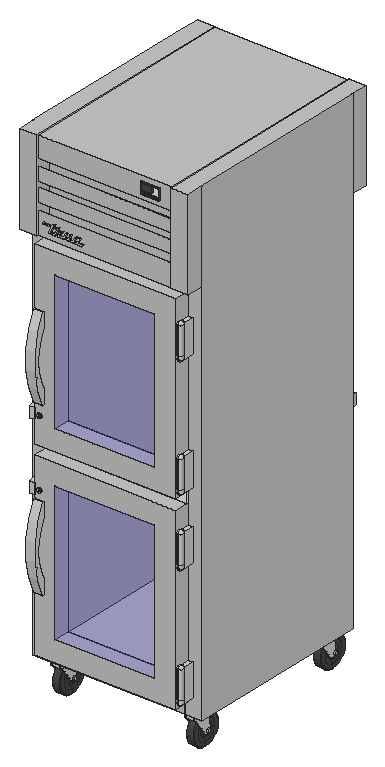
Revit family "QF_TRUE_STG1RPT-2HG-1S-HC", category Specialty Equipment, Revit 2012
Parameters
  Weight in Pounds = 0
  Watts = Volts * FL Amps  # 437 W
  Volts = 115 V
  URL Manufacturer = "www.truemfg.com"
  URL Cutsheet = "www.truemfg.com"
  URL = "www.truemfg.com"
  Type Mark [instance] = ""
  Type Comments = "www.truemfg.com"
  Status [instance] = ""
  Specification by User [instance] = ""
  Specification by Manufacturer = ""
  Show Seismic Flanged [instance] = no
  Show Logo [instance] = yes
  Show Legs [instance] = no
  Show Clearance [instance] = yes
  Serial Number = ""
  Seismic Rating = ""
  Seismic Plate [instance] = and(Show Seismic Flanged, not(Show Casters))  # no
  SMACNA No = ""
  Revision Code [instance] = ""
  Phase = 1
  Omniclass Number and Title = ""
  Number of Poles [instance] = 1
  NAFEM Spec ID Number = ""
  Model = "STG1RPT-2HG-1S-HC"
  Min Ckt Ampacity = 15 A
  Max Overcurrent Protection = 15 A
  MasterSpec. = ""
  Manufacturer = "TRUE FOOD SERVICE EQUIPMENT, INC."
  Length = 27 1/2"
  Legs [instance] = or(Show Legs, Show Seismic Flanged)  # no
  Item Number [instance] = ""
  Installed By [instance] = ""
  Identify Quantity as Lot [instance] = yes
  Height = 77 3/4"
  HP = "1/4"
  Furnished By [instance] = ""
  Foodservice Equipment Identifier [instance] = yes
  FL Amps = 3.8 A
  Electrical Remarks [instance] = ""
  Electric Connection Type [instance] = ""
  Elec Conn RI Height [instance] = 0"
  Elec Conn Connection Height [instance] = 0"
  Description = "PASS-THRU HALF GLASS FRONT/SOLID REAR SWING DOORS REFRIGERATOR WITH HYDROCARBON REFRIGERANT WITH LED LIGHTING"
  Depth = 36 1/8"
  Cycle = 60 Hz
  Conn Plug = "5-15P"
  Conn Conduit = yes
  Show Casters [instance] = and(not(if(Show Legs, Show Legs, Show Legs)), not(if(Show Legs, Show Legs, Show Seismic Flanged)))  # yes
  CSI MasterFormat = ""
  CSI Master Format = ""
  Apparent Power = if(Phase = 3, Volts * FL Amps * 1.73, Volts * FL Amps)  # 437 VA
Reference planes (in)
  plane 1: z = 0
  plane 2 "LEFT": x = 0
  plane 3 "RIGHT": x = 27.5
  plane 4 "FRONT": y = -33.75
  plane 5 "TOP": z = 84.125
  plane 6: z = 6.125
  plane 7: y = -33.7042
  plane 8: y = 2.375
  plane 9: y = -35.40625
  plane 10: y = 4.03125
  plane 11: y = -56.78125
  plane 12: y = 25.40625
Forms (in)
  Extrusion 1, solid, material "QF_Finishes_Stainless Steel"
    sketch origin (0.09687, 0, 0) x (1, 0, 0) y (0, 1, 0)
      loop
        line (-0.09687, -0.375) -> (-0.09687, -31) -> (2.7625, -31) -> (2.7625, -0.375) -> (-0.09687, -0.375)
    from 6.125 to 84.125
  Extrusion 2, solid, material "QF_Finishes_Stainless Steel"
    sketch origin (50.15, 0, 0) x (1, 0, 0) y (0, 1, 0)
      loop
        line (-25.50937, -0.375) -> (-25.50937, -31) -> (-22.65, -31) -> (-22.65, -0.375) -> (-25.50937, -0.375)
    from 6.125 to 84.125
  Extrusion 3, solid, material "QF_Finishes_Stainless Steel"
    sketch origin (0, 0, 0) x (0, 1, 0) y (0, 0, 1)
      loop
        line (-33.5625, 69.5) -> (-31, 69.5) -> (-31, 64.75) -> (-0.375, 64.75) -> (-0.375, 69.5) -> (2.1875, 69.5) -> (2.1875, 73.29302) -> (-0.15841, 71.625) -> (-0.15841, 72.90057) -> (2.1875, 74.56859) -> (2.1875, 76.6648) -> (-0.15841, 74.99678) -> (-0.15841, 75.95754) -> (2.1875, 77.62556) -> (2.1875, 79.75927) -> (-0.15841, 78.09125) -> (-0.15841, 79.21352) -> (2.1875, 80.88154) -> (2.1875, 84.125) -> (-33.5625, 84.125) -> (-33.5625, 80.68002) -> (-31.5, 79.21352) -> (-31.5, 78.09125) -> (-33.5625, 79.55776) -> (-33.5625, 77.42405) -> (-31.5, 75.95754) -> (-31.5, 74.99678) -> (-33.5625, 76.46328) -> (-33.5625, 74.36708) -> (-31.5, 72.90057) -> (-31.5, 71.625) -> (-33.5625, 73.09151) -> (-33.5625, 69.5)
      loop
        line (-31, 6.125) -> (-0.375, 6.125) -> (-0.375, 8.94743) -> (-31, 8.94743) -> (-31, 6.125)
    from 2.85938 to 24.64063
  Extrusion 4, solid, material "QF_Finishes_Stainless Steel"
    sketch origin (0.10531, 0, 0) x (1, 0, 0) y (0, 1, 0)
      loop
        line (27.34782, -31) -> (24.53532, -31) -> (24.53532, -33.75) -> (27.34782, -33.75) -> (27.34782, -31)
    from 69.5 to 84.125
  Extrusion 5, solid, material "QF_Finishes_Stainless Steel"
    sketch origin (-50.19421, 0, 0.25) x (1, 0, 0) y (0, 1, 0)
      loop
        line (53.05359, -31) -> (50.24109, -31) -> (50.24109, -33.75) -> (53.05359, -33.75) -> (53.05359, -31)
    from 69.25 to 83.875
  Extrusion 6, solid, material "QF_Finishes_Handrails and Railings", visible <- "Show Logo"
    sketch origin (0.33478, 1.08173, -6.73143) x (1, 0, 0) y (0, 0, 1)
      loop
        line (3.46044, 78.46231) -> (3.35478, 78.23573) -> (4.76027, 78.23573)
        arc (4.76027, 78.23573) -> (4.78879, 78.18528) -> (4.76027, 78.13484) r 0.05887
        line (4.76027, 78.13484) -> (4.39369, 77.34872)
        arc (4.39369, 77.34872) -> (4.39051, 77.27591) -> (4.43975, 77.22217) r 0.09523
        line (4.43975, 77.22217) -> (5.33844, 77.22217)
        arc (5.33844, 77.22217) -> (5.45192, 77.25795) -> (5.52436, 77.35235) r 0.19785
        line (5.52436, 77.35235) -> (5.81285, 77.97101) -> (6.0779, 77.97101)
        arc (6.0779, 77.97101) -> (6.14744, 77.94543) -> (6.13737, 77.87203) r 0.05911
        line (6.13737, 77.87203) -> (5.89598, 77.35437)
        arc (5.89598, 77.35437) -> (5.89974, 77.2684) -> (5.97231, 77.22217) r 0.09318
        line (5.97231, 77.22217) -> (6.76198, 77.22217)
        arc (6.76198, 77.22217) -> (6.82249, 77.24419) -> (6.85468, 77.29995) r 0.09412
        arc (6.85468, 77.29995) -> (6.87746, 77.24495) -> (6.93246, 77.22217) r 0.07778
        line (6.93246, 77.22217) -> (7.43246, 77.22217)
        arc (7.43246, 77.22217) -> (7.49022, 77.23765) -> (7.53251, 77.27993) r 0.11552
        arc (7.53251, 77.27993) -> (7.55275, 77.23106) -> (7.60162, 77.21081) r 0.06912
        line (7.60162, 77.21081) -> (8.31225, 77.21081)
        arc (8.31225, 77.21081) -> (8.37034, 77.23488) -> (8.39441, 77.29297) r 0.08216
        arc (8.39441, 77.29297) -> (8.44767, 77.23972) -> (8.52042, 77.22022) r 0.14551
        line (8.52042, 77.22022) -> (9.85158, 77.22022) -> (9.99946, 77.47634) -> (8.65678, 77.47634)
        arc (8.65678, 77.47634) -> (8.61972, 77.50204) -> (8.61834, 77.54711) r 0.05009
        line (8.61834, 77.54711) -> (8.64157, 77.59692)
        arc (8.64157, 77.59692) -> (8.67723, 77.64364) -> (8.73327, 77.66135) r 0.09747
        line (8.73327, 77.66135) -> (9.16485, 77.66135)
        arc (9.16485, 77.66135) -> (9.258, 77.68631) -> (9.32619, 77.7545) r 0.1863
        line (9.32619, 77.7545) -> (9.45119, 77.97101)
        arc (9.45119, 77.97101) -> (9.45119, 78.08657) -> (9.35111, 78.14434) r 0.11556
        line (9.35111, 78.14434) -> (8.89562, 78.14434)
        arc (8.89562, 78.14434) -> (8.7795, 78.12462) -> (8.69849, 78.03912) r 0.18605
        line (8.69849, 78.03912) -> (8.48204, 77.57493)
        arc (8.48204, 77.57493) -> (8.41815, 77.49167) -> (8.31806, 77.46011) r 0.1745
        line (8.31806, 77.46011) -> (7.84559, 77.46011)
        arc (7.84559, 77.46011) -> (7.78903, 77.52184) -> (7.79268, 77.60548) r 0.10939
        line (7.79268, 77.60548) -> (8.04395, 78.14434) -> (7.88403, 78.14434) -> (7.61781, 77.57344)
        arc (7.61781, 77.57344) -> (7.56609, 77.50603) -> (7.48505, 77.48048) r 0.14128
        line (7.48505, 77.48048) -> (7.15925, 77.48048)
        arc (7.15925, 77.48048) -> (7.10419, 77.55223) -> (7.116, 77.64189) r 0.11816
        line (7.116, 77.64189) -> (7.3503, 78.14434) -> (7.18514, 78.14434) -> (6.91546, 77.566)
        arc (6.91546, 77.566) -> (6.85285, 77.50339) -> (6.76733, 77.48048) r 0.17104
        line (6.76733, 77.48048) -> (6.29555, 77.48048)
        arc (6.29555, 77.48048) -> (6.21082, 77.51999) -> (6.20267, 77.61313) r 0.0935
        line (6.20267, 77.61313) -> (6.35774, 77.94569) -> (6.57695, 77.94569)
        arc (6.57695, 77.94569) -> (6.61395, 78.05717) -> (6.69267, 78.14434) r 0.2857
        line (6.69267, 78.14434) -> (5.83605, 78.14434)
        arc (5.83605, 78.14434) -> (5.74086, 78.12324) -> (5.67498, 78.05135) r 0.16212
        line (5.67498, 78.05135) -> (5.44279, 77.55341)
        arc (5.44279, 77.55341) -> (5.3894, 77.50002) -> (5.31647, 77.48048) r 0.14586
        line (5.31647, 77.48048) -> (4.80506, 77.48048)
        arc (4.80506, 77.48048) -> (4.76514, 77.53442) -> (4.77274, 77.60109) r 0.09155
        line (4.77274, 77.60109) -> (5.11018, 78.23573) -> (5.96155, 78.23573) -> (6.06721, 78.46231) -> (5.21584, 78.46231) -> (5.32149, 78.68888) -> (5.01862, 78.68888) -> (4.91297, 78.46231) -> (3.46044, 78.46231)
      loop
        arc (8.83805, 77.93863) -> (8.80119, 77.92875) -> (8.7742, 77.90176) r 0.07373
        line (8.7742, 77.90176) -> (8.75229, 77.83436)
        arc (8.75229, 77.83436) -> (8.76245, 77.80983) -> (8.78699, 77.79966) r 0.0347
        line (8.78699, 77.79966) -> (9.15948, 77.79966)
        arc (9.15948, 77.79966) -> (9.18632, 77.80561) -> (9.20812, 77.82234) r 0.0635
        line (9.20812, 77.82234) -> (9.22624, 77.90622)
        arc (9.22624, 77.90622) -> (9.22091, 77.92868) -> (9.20009, 77.93863) r 0.02676
        line (9.20009, 77.93863) -> (8.83805, 77.93863)
    from 34.64423 to 34.83173
  Extrusion 7, solid
    sketch origin (-25.125, 2.60721, 0) x (1, 0, 0) y (0, 0, 1)
      loop
        circle (49.375, 82) r 0.25
    from 0.23221 to 0.125
  Revolve 8, solid, material "QF_Finishes_Black", visible <- "Show Casters"
    sketch origin (22.65625, -27.375, 0) x (1, 0, 0) y (0, 0, 1)
      loop
        line (1.475, 5) -> (1.375, 4.9) -> (1.375, 4.29941) -> (1.53601, 4.29941) -> (1.53601, 3.54941) -> (1.375, 3.54941) -> (1.375, 2.79941) -> (0.975, 2.79941) -> (0.975, 2.5) -> (3.025, 2.5) -> (3.025, 2.79941) -> (2.62908, 2.79941) -> (2.62908, 3.54941) -> (2.46399, 3.54941) -> (2.46399, 4.29941) -> (2.62908, 4.29941) -> (2.62908, 4.89592) -> (2.525, 5) -> (1.475, 5)
      axis (3.025, 2.5) -> (0.975, 2.5)
    angle from 0 to 360
  Extrusion 9, solid, material "QF_Finishes_Handrails and Railings", visible <- "Show Casters"
    sketch origin (22.65625, 0, 0) x (0, 1, 0) y (0, 0, 1)
      loop
        line (-29.95136, 5.48574) -> (-29.95136, 4.88089) -> (-29.70136, 4.88089) -> (-27.95216, 2.18736)
        arc (-27.95216, 2.18736) -> (-27.23883, 1.94868) -> (-26.84581, 2.59003) r 0.60416
        line (-26.84581, 2.59003) -> (-27.20136, 5.48574) -> (-29.95136, 5.48574)
      loop
        line (-4.45145, 5.48574) -> (-4.45145, 4.88089) -> (-4.20145, 4.88089) -> (-2.45225, 2.18736)
        arc (-2.45225, 2.18736) -> (-1.73892, 1.94868) -> (-1.3459, 2.59003) r 0.60416
        line (-1.3459, 2.59003) -> (-1.70145, 5.48574) -> (-4.45145, 5.48574)
    from 1.175 to 1.325
  Extrusion 10, solid, material "QF_Finishes_Handrails and Railings", visible <- "Show Casters"
    sketch origin (24.15625, 0, 0) x (0, 1, 0) y (0, 0, 1)
      loop
        line (-29.95136, 5.48574) -> (-29.95136, 4.88089) -> (-29.70136, 4.88089) -> (-27.95216, 2.18736)
        arc (-27.95216, 2.18736) -> (-27.23883, 1.94868) -> (-26.84581, 2.59003) r 0.60416
        line (-26.84581, 2.59003) -> (-27.20136, 5.48574) -> (-29.95136, 5.48574)
      loop
        line (-4.45145, 5.48574) -> (-4.45145, 4.88089) -> (-4.20145, 4.88089) -> (-2.45225, 2.18736)
        arc (-2.45225, 2.18736) -> (-1.73892, 1.94868) -> (-1.3459, 2.59003) r 0.60416
        line (-1.3459, 2.59003) -> (-1.70145, 5.48574) -> (-4.45145, 5.48574)
    from 1.175 to 1.325
  Revolve 11, solid, material "QF_Finishes_Chrome - Satin", visible <- "Show Casters"
    sketch origin (22.65625, -28.5625, -0.5) x (1, 0, 0) y (0, 0, 1)
      loop
        line (2, 5.99546) -> (2, 6.62359) -> (0.70293, 6.62359) -> (0.70293, 5.99546) -> (2, 5.99546)
      axis (2, 5.99546) -> (2, 6.62359)
    angle from 0 to 360
  Revolve 12, solid, material "QF_Finishes_Chrome - Satin", visible <- "Legs"
    sketch origin (22.65625, -2.69102, 0) x (1, 0, 0) y (0, 0, 1)
      loop
        line (2, 6.125) -> (0.66662, 6.125) -> (1.25, 1) -> (1.5, 1) -> (1.5, 0) -> (2, 0) -> (2, 6.125)
      axis (2, 0) -> (2, 6.125)
    angle from 0 to 360
  Revolve 13, solid, material "QF_Finishes_Chrome - Satin", visible <- "Legs"
    sketch origin (22.65625, -28.5625, 0) x (1, 0, 0) y (0, 0, 1)
      loop
        line (2, 6.125) -> (0.66662, 6.125) -> (1.25, 1) -> (1.5, 1) -> (1.5, 0) -> (2, 0) -> (2, 6.125)
      axis (2, 0) -> (2, 6.125)
    angle from 0 to 360
  Revolve 14, solid, material "QF_Finishes_Chrome - Satin", visible <- "Show Casters"
    sketch origin (22.65625, -2.70321, -0.5) x (1, 0, 0) y (0, 0, 1)
      loop
        line (2, 5.99546) -> (2, 6.62359) -> (0.70293, 6.62359) -> (0.70293, 5.99546) -> (2, 5.99546)
      axis (2, 5.99546) -> (2, 6.62359)
    angle from 0 to 360
  Extrusion 15, solid, material "QF_Finishes_Handrails and Railings", visible <- "Show Casters"
    sketch origin (-25.125, 0, 0) x (0, 1, 0) y (0, 0, 1)
      loop
        line (-29.95136, 5.48574) -> (-29.95136, 4.88089) -> (-29.70136, 4.88089) -> (-27.16533, 5.19227) -> (-27.20136, 5.48574) -> (-29.95136, 5.48574)
      loop
        line (-4.45145, 5.48574) -> (-4.45145, 4.88089) -> (-4.20145, 4.88089) -> (-1.66542, 5.19227) -> (-1.70145, 5.48574) -> (-4.45145, 5.48574)
    from 49.10625 to 50.45625
  Revolve 16, solid, material "QF_Finishes_Black", visible <- "Show Casters"
    sketch origin (0.84375, -27.375, 0) x (1, 0, 0) y (0, 0, 1)
      loop
        line (1.475, 5) -> (1.375, 4.9) -> (1.375, 4.29941) -> (1.53601, 4.29941) -> (1.53601, 3.54941) -> (1.375, 3.54941) -> (1.375, 2.79941) -> (0.975, 2.79941) -> (0.975, 2.5) -> (3.025, 2.5) -> (3.025, 2.79941) -> (2.62908, 2.79941) -> (2.62908, 3.54941) -> (2.46399, 3.54941) -> (2.46399, 4.29941) -> (2.62908, 4.29941) -> (2.62908, 4.89592) -> (2.525, 5) -> (1.475, 5)
      axis (3.025, 2.5) -> (0.975, 2.5)
    angle from 0 to 360
  Extrusion 17, solid, material "QF_Finishes_Handrails and Railings", visible <- "Show Casters"
    sketch origin (0.84375, 0, 0) x (0, 1, 0) y (0, 0, 1)
      loop
        line (-29.95136, 5.48574) -> (-29.95136, 4.88089) -> (-29.70136, 4.88089) -> (-27.95216, 2.18736)
        arc (-27.95216, 2.18736) -> (-27.23883, 1.94868) -> (-26.84581, 2.59003) r 0.60416
        line (-26.84581, 2.59003) -> (-27.20136, 5.48574) -> (-29.95136, 5.48574)
      loop
        line (-4.45145, 5.48574) -> (-4.45145, 4.88089) -> (-4.20145, 4.88089) -> (-2.45225, 2.18736)
        arc (-2.45225, 2.18736) -> (-1.73892, 1.94868) -> (-1.3459, 2.59003) r 0.60416
        line (-1.3459, 2.59003) -> (-1.70145, 5.48574) -> (-4.45145, 5.48574)
    from 1.175 to 1.325
  Extrusion 18, solid, material "QF_Finishes_Handrails and Railings", visible <- "Show Casters"
    sketch origin (2.34375, 0, 0) x (0, 1, 0) y (0, 0, 1)
      loop
        line (-29.95136, 5.48574) -> (-29.95136, 4.88089) -> (-29.70136, 4.88089) -> (-27.95216, 2.18736)
        arc (-27.95216, 2.18736) -> (-27.23883, 1.94868) -> (-26.84581, 2.59003) r 0.60416
        line (-26.84581, 2.59003) -> (-27.20136, 5.48574) -> (-29.95136, 5.48574)
      loop
        line (-4.45145, 5.48574) -> (-4.45145, 4.88089) -> (-4.20145, 4.88089) -> (-2.45225, 2.18736)
        arc (-2.45225, 2.18736) -> (-1.73892, 1.94868) -> (-1.3459, 2.59003) r 0.60416
        line (-1.3459, 2.59003) -> (-1.70145, 5.48574) -> (-4.45145, 5.48574)
    from 1.175 to 1.325
  Revolve 19, solid, material "QF_Finishes_Chrome - Satin", visible <- "Show Casters"
    sketch origin (0.84375, -28.5625, -0.5) x (1, 0, 0) y (0, 0, 1)
      loop
        line (2, 5.99546) -> (2, 6.62359) -> (0.70293, 6.62359) -> (0.70293, 5.99546) -> (2, 5.99546)
      axis (2, 5.99546) -> (2, 6.62359)
    angle from 0 to 360
  Revolve 20, solid, material "QF_Finishes_Chrome - Satin", visible <- "Legs"
    sketch origin (0.84375, -2.69102, 0) x (1, 0, 0) y (0, 0, 1)
      loop
        line (2, 6.125) -> (0.66662, 6.125) -> (1.25, 1) -> (1.5, 1) -> (1.5, 0) -> (2, 0) -> (2, 6.125)
      axis (2, 0) -> (2, 6.125)
    angle from 0 to 360
  Revolve 21, solid, material "QF_Finishes_Chrome - Satin", visible <- "Legs"
    sketch origin (0.84375, -28.5625, 0) x (1, 0, 0) y (0, 0, 1)
      loop
        line (2, 6.125) -> (0.66662, 6.125) -> (1.25, 1) -> (1.5, 1) -> (1.5, 0) -> (2, 0) -> (2, 6.125)
      axis (2, 0) -> (2, 6.125)
    angle from 0 to 360
  Revolve 22, solid, material "QF_Finishes_Chrome - Satin", visible <- "Show Casters"
    sketch origin (0.84375, -2.70321, -0.5) x (1, 0, 0) y (0, 0, 1)
      loop
        line (2, 5.99546) -> (2, 6.62359) -> (0.70293, 6.62359) -> (0.70293, 5.99546) -> (2, 5.99546)
      axis (2, 5.99546) -> (2, 6.62359)
    angle from 0 to 360
  Extrusion 23, solid, material "QF_Finishes_Handrails and Railings", visible <- "Show Casters"
    sketch origin (-46.9375, 0, 0) x (0, 1, 0) y (0, 0, 1)
      loop
        line (-29.95136, 5.48574) -> (-29.95136, 4.88089) -> (-29.70136, 4.88089) -> (-27.16533, 5.19227) -> (-27.20136, 5.48574) -> (-29.95136, 5.48574)
      loop
        line (-4.45145, 5.48574) -> (-4.45145, 4.88089) -> (-4.20145, 4.88089) -> (-1.66542, 5.19227) -> (-1.70145, 5.48574) -> (-4.45145, 5.48574)
    from 49.10625 to 50.45625
  Extrusion 24, solid, material "QF_Finishes_Stainless Steel"
    sketch origin (-25.125, -31.7042, -0.71875) x (1, 0, 0) y (0, 0, -1)
      loop
        line (27.40625, -68.6875) -> (50.34375, -68.6875) -> (50.34375, -8.75) -> (27.40625, -8.75) -> (27.40625, -68.6875)
    from 31.3292 to 33.8917
  Extrusion 25, solid, material "QF_Finishes_Stainless Steel"
    sketch origin (0.10531, -31.3292, 0) x (1, 0, 0) y (0, 1, 0)
      loop
        line (27.34782, 30.9542) -> (27.34782, 33.7042) -> (24.53532, 33.7042) -> (24.53532, 30.9542) -> (27.34782, 30.9542)
    from 69.5 to 84.125
  Extrusion 26, solid, material "QF_Finishes_Stainless Steel"
    sketch origin (-50.19421, -31.3292, 0.25) x (1, 0, 0) y (0, 1, 0)
      loop
        line (53.05359, 30.625) -> (53.05359, 33.7042) -> (50.24109, 33.7042) -> (50.24109, 30.625) -> (53.05359, 30.625)
    from 69.25 to 83.875
  Extrusion 27, solid, material "QF_Finishes_Handrails and Railings"
    sketch origin (1.28125, -31.10979, 0) x (0, -1, 0) y (0, 0, -1)
      loop
        line (-30.73479, -64.55229) -> (-30.73479, -59.23627) -> (-32.875, -59.23627) -> (-32.875, -59.94848) -> (-32.43997, -59.94848) -> (-32.43997, -64.34776)
        arc (-32.43997, -64.34776) -> (-32.38006, -64.49238) -> (-32.23544, -64.55229) r 0.20453
        line (-32.23544, -64.55229) -> (-30.73479, -64.55229)
    from 0.17506 to 1
  Revolve 28, solid, material "QF_Finishes_Handrails and Railings"
    sketch origin (1.78125, -31.10979, 0) x (0, -1, 0) y (0, 0, -1)
      loop
        line (-32.89063, -60.00189) -> (-33.29729, -60.00189) -> (-33.29729, -64.4736)
        arc (-33.29729, -64.4736) -> (-33.16222, -64.72557) -> (-32.89063, -64.81483) r 0.3848
        line (-32.89063, -64.81483) -> (-32.89063, -60.00189)
      loop
        line (-32.89063, -59.94848) -> (-32.89063, -59.04781)
        arc (-32.89063, -59.04781) -> (-33.15764, -59.13383) -> (-33.29729, -59.37712) r 0.38884
        line (-33.29729, -59.37712) -> (-33.29729, -59.94848) -> (-32.89063, -59.94848)
      axis (-32.89063, -59.04781) -> (-32.89063, -64.81483)
    angle from 0 to 360
  Extrusion 29, solid, material "QF_Finishes_Handrails and Railings"
    sketch origin (-0.03125, -31.44079, 0) x (1, 0, 0) y (0, 0, -1)
      loop
        line (1.91491, -64.4736) -> (2.3125, -64.4736) -> (2.3125, -60.00079) -> (1.91491, -60.00079) -> (1.91491, -64.4736)
    from 32.81497 to 33.59495
  Extrusion 30, solid, material "QF_Finishes_Handrails and Railings"
    sketch origin (1.28125, -31.10979, -19.5) x (0, -1, 0) y (0, 0, -1)
      loop
        line (-30.73479, -64.55229) -> (-30.73479, -59.23627) -> (-32.875, -59.23627) -> (-32.875, -59.94848) -> (-32.43997, -59.94848) -> (-32.43997, -64.34776)
        arc (-32.43997, -64.34776) -> (-32.38006, -64.49238) -> (-32.23544, -64.55229) r 0.20453
        line (-32.23544, -64.55229) -> (-30.73479, -64.55229)
    from 0.17506 to 1
  Revolve 31, solid, material "QF_Finishes_Handrails and Railings"
    sketch origin (1.78125, -31.10979, -19.5) x (0, -1, 0) y (0, 0, -1)
      loop
        line (-32.89063, -60.00189) -> (-33.29729, -60.00189) -> (-33.29729, -64.4736)
        arc (-33.29729, -64.4736) -> (-33.16222, -64.72557) -> (-32.89063, -64.81483) r 0.3848
        line (-32.89063, -64.81483) -> (-32.89063, -60.00189)
      loop
        line (-32.89063, -59.94848) -> (-32.89063, -59.04781)
        arc (-32.89063, -59.04781) -> (-33.15764, -59.13383) -> (-33.29729, -59.37712) r 0.38884
        line (-33.29729, -59.37712) -> (-33.29729, -59.94848) -> (-32.89063, -59.94848)
      axis (-32.89063, -59.04781) -> (-32.89063, -64.81483)
    angle from 0 to 360
  Extrusion 32, solid, material "QF_Finishes_Handrails and Railings"
    sketch origin (-0.03125, -31.44079, -19.5) x (1, 0, 0) y (0, 0, -1)
      loop
        line (1.91491, -64.4736) -> (2.3125, -64.4736) -> (2.3125, -60.00189) -> (1.91491, -60.00189) -> (1.91491, -64.4736)
    from 32.81497 to 33.59495
  Extrusion 33, solid, material "QF_Finishes_Handrails and Railings"
    sketch origin (1.28125, -31.10979, -30.5) x (0, -1, 0) y (0, 0, -1)
      loop
        line (-30.73479, -64.55229) -> (-30.73479, -59.23627) -> (-32.875, -59.23627) -> (-32.875, -59.94848) -> (-32.43997, -59.94848) -> (-32.43997, -64.34776)
        arc (-32.43997, -64.34776) -> (-32.38006, -64.49238) -> (-32.23544, -64.55229) r 0.20453
        line (-32.23544, -64.55229) -> (-30.73479, -64.55229)
    from 0.17506 to 1
  Revolve 34, solid, material "QF_Finishes_Handrails and Railings"
    sketch origin (1.78125, -31.10979, -30.5) x (0, -1, 0) y (0, 0, -1)
      loop
        line (-32.89063, -60.00189) -> (-33.29729, -60.00189) -> (-33.29729, -64.4736)
        arc (-33.29729, -64.4736) -> (-33.16222, -64.72557) -> (-32.89063, -64.81483) r 0.3848
        line (-32.89063, -64.81483) -> (-32.89063, -60.00189)
      loop
        line (-32.89063, -59.94848) -> (-32.89063, -59.04781)
        arc (-32.89063, -59.04781) -> (-33.15764, -59.13383) -> (-33.29729, -59.37712) r 0.38884
        line (-33.29729, -59.37712) -> (-33.29729, -59.94848) -> (-32.89063, -59.94848)
      axis (-32.89063, -59.04781) -> (-32.89063, -64.81483)
    angle from 0 to 360
  Extrusion 35, solid, material "QF_Finishes_Handrails and Railings"
    sketch origin (-0.03125, -31.40745, -30.5) x (1, 0, 0) y (0, 0, -1)
      loop
        line (1.91491, -64.4736) -> (2.3125, -64.4736) -> (2.3125, -60.00079) -> (1.91491, -60.00079) -> (1.91491, -64.4736)
    from 32.81497 to 33.59495
  Extrusion 36, solid, material "QF_Finishes_Handrails and Railings"
    sketch origin (1.28125, -31.10979, -50.25) x (0, -1, 0) y (0, 0, -1)
      loop
        line (-30.73479, -64.55229) -> (-30.73479, -59.19743) -> (-32.875, -59.19743) -> (-32.875, -59.94848) -> (-32.43997, -59.94848) -> (-32.43997, -64.34776)
        arc (-32.43997, -64.34776) -> (-32.38006, -64.49238) -> (-32.23544, -64.55229) r 0.20453
        line (-32.23544, -64.55229) -> (-30.73479, -64.55229)
    from 0.17506 to 1
  Revolve 37, solid, material "QF_Finishes_Handrails and Railings"
    sketch origin (1.78125, -31.10979, -50.25) x (0, -1, 0) y (0, 0, -1)
      loop
        line (-32.89063, -60.00189) -> (-33.29729, -60.00189) -> (-33.29729, -64.4736)
        arc (-33.29729, -64.4736) -> (-33.16222, -64.72557) -> (-32.89063, -64.81483) r 0.3848
        line (-32.89063, -64.81483) -> (-32.89063, -60.00189)
      loop
        line (-32.89063, -59.94848) -> (-32.89063, -59.04781)
        arc (-32.89063, -59.04781) -> (-33.15764, -59.13383) -> (-33.29729, -59.37712) r 0.38884
        line (-33.29729, -59.37712) -> (-33.29729, -59.94848) -> (-32.89063, -59.94848)
      axis (-32.89063, -59.04781) -> (-32.89063, -64.81483)
    angle from 0 to 360
  Extrusion 38, solid, material "QF_Finishes_Handrails and Railings"
    sketch origin (-0.03125, -31.42412, -50.25) x (1, 0, 0) y (0, 0, -1)
      loop
        line (1.91491, -64.4736) -> (2.3125, -64.4736) -> (2.3125, -60.00079) -> (1.91491, -60.00079) -> (1.91491, -64.4736)
    from 32.81497 to 33.59495
  Extrusion 39, solid, material "QF_Finishes_Handrails and Railings"
    sketch origin (50.84375, -31.3125, -2.0625) x (-1, 0, 0) y (0, 0, 1)
      loop
        circle (26.4375, 40.0625) r 0.35
      loop
        line (26.47265, 40.33635) -> (26.41715, 40.33635) -> (26.41715, 39.76895) -> (26.47265, 39.76895) -> (26.47265, 40.33635)
    from 33.5 to 33.5625
  Blend 40, solid, material "QF_Finishes_Handrails and Railings"
    base sketch origin (-0.03125, -31.7042, -0.0625) x (1, 0, 0) y (0, 0, -1)
      loop
        line (25.25, -38.99169) -> (26, -38.99169) -> (26, -37.24169) -> (25.25, -37.24169) -> (25.25, -38.99169)
    top sketch origin (-0.03125, -31.7042, -0.0625) x (1, 0, 0) y (0, 0, -1)
      loop
        line (26.18223, -36.6441) -> (25.25, -36.6441) -> (25.25, -39.42643) -> (26.18223, -39.42643) -> (26.18223, -36.6441)
    from 33.8917 to 31.3292
  Extrusion 41, solid, material "QF_Finishes_Stainless Steel"
    sketch origin (-25.125, 0, -0.8125) x (1, 0, 0) y (0, 0, 1)
      loop
        line (50.34375, 37.96875) -> (27.40625, 37.96875) -> (27.40625, 8.84375) -> (50.34375, 8.84375) -> (50.34375, 37.96875)
      loop
        line (50.34375, 68.78125) -> (27.40625, 68.78125) -> (27.40625, 39.65625) -> (50.34375, 39.65625) -> (50.34375, 68.78125)
      loop
        line (47, 65.4375) -> (30.75, 65.4375) -> (30.75, 43) -> (47, 43) -> (47, 65.4375)
      loop
        line (47, 34.625) -> (30.75, 34.625) -> (30.75, 12.1875) -> (47, 12.1875) -> (47, 34.625)
    from 31 to 33.5625
  Extrusion 42, solid, material "QF_Finishes_Handrails and Railings"
    sketch origin (-8.53356, -0.25, 98.9375) x (0, 1, 0) y (0, 0, 1)
      loop
        line (-33.3125, -53.875) -> (-33.3125, -51.49649)
        arc (-33.3125, -51.49649) -> (-34.64003, -47.075) -> (-33.3125, -42.65351) r 8.0269
        line (-33.3125, -42.65351) -> (-33.3125, -40.275) -> (-33.5247, -40.275)
        arc (-33.5247, -40.275) -> (-35.15626, -47.075) -> (-33.5247, -53.875) r 14.98625
        line (-33.5247, -53.875) -> (-33.3125, -53.875)
    from 10.87731 to 12.37731
  Extrusion 43, solid, material "QF_Finishes_Handrails and Railings"
    sketch origin (-23.34375, 0.10979, 3.15625) x (1, 0, 0) y (0, 0, 1)
      loop
        circle (26.4375, 40.0625) r 0.35
      loop
        line (26.47265, 40.33635) -> (26.41715, 40.33635) -> (26.41715, 39.76895) -> (26.47265, 39.76895) -> (26.47265, 40.33635)
    from 33.67229 to 33.73479
  Blend 44, solid, material "QF_Finishes_Handrails and Railings"
    base sketch origin (27.53125, 0.10979, 5.15625) x (-1, 0, 0) y (0, 0, -1)
      loop
        line (25.25, -38.99169) -> (26, -38.99169) -> (26, -37.24169) -> (25.25, -37.24169) -> (25.25, -38.99169)
    top sketch origin (27.53125, 0.10979, 5.15625) x (-1, 0, 0) y (0, 0, -1)
      loop
        line (26.18223, -36.6441) -> (25.25, -36.6441) -> (25.25, -39.42643) -> (26.18223, -39.42643) -> (26.18223, -36.6441)
    from 33.67229 to 31.10979
  Extrusion 45, solid, material "QF_Finishes_Handrails and Railings"
    sketch origin (26.21875, 0.10979, -0.09375) x (0, 1, 0) y (0, 0, -1)
      loop
        line (-31.10979, -64.55229) -> (-31.10979, -59.23627) -> (-33.25, -59.23627) -> (-33.25, -59.94848) -> (-32.81497, -59.94848) -> (-32.81497, -64.34776)
        arc (-32.81497, -64.34776) -> (-32.75506, -64.49238) -> (-32.61044, -64.55229) r 0.20453
        line (-32.61044, -64.55229) -> (-31.10979, -64.55229)
    from 0.17506 to 1
  Revolve 46, solid, material "QF_Finishes_Handrails and Railings"
    sketch origin (25.71875, 0.10979, -0.09375) x (0, 1, 0) y (0, 0, -1)
      loop
        line (-33.26563, -60.00189) -> (-33.67229, -60.00189) -> (-33.67229, -64.4736)
        arc (-33.67229, -64.4736) -> (-33.53722, -64.72557) -> (-33.26563, -64.81483) r 0.3848
        line (-33.26563, -64.81483) -> (-33.26563, -60.00189)
      loop
        line (-33.26563, -59.94848) -> (-33.26563, -59.04781)
        arc (-33.26563, -59.04781) -> (-33.53264, -59.13383) -> (-33.67229, -59.37712) r 0.38884
        line (-33.67229, -59.37712) -> (-33.67229, -59.94848) -> (-33.26563, -59.94848)
      axis (-33.26563, -59.04781) -> (-33.26563, -64.81483)
    angle from 0 to 360
  Extrusion 47, solid, material "QF_Finishes_Handrails and Railings"
    sketch origin (27.53125, 0.10979, -0.09375) x (-1, 0, 0) y (0, 0, -1)
      loop
        line (1.91491, -64.4736) -> (2.3125, -64.4736) -> (2.3125, -60.00079) -> (1.91491, -60.00079) -> (1.91491, -64.4736)
    from 32.81497 to 33.59495
  Extrusion 48, solid, material "QF_Finishes_Handrails and Railings"
    sketch origin (26.21875, 0.10979, -19.59375) x (0, 1, 0) y (0, 0, -1)
      loop
        line (-31.10979, -64.55229) -> (-31.10979, -59.23627) -> (-33.25, -59.23627) -> (-33.25, -59.94848) -> (-32.81497, -59.94848) -> (-32.81497, -64.34776)
        arc (-32.81497, -64.34776) -> (-32.75506, -64.49238) -> (-32.61044, -64.55229) r 0.20453
        line (-32.61044, -64.55229) -> (-31.10979, -64.55229)
    from 0.17506 to 1
  Revolve 49, solid, material "QF_Finishes_Handrails and Railings"
    sketch origin (25.71875, 0.10979, -19.59375) x (0, 1, 0) y (0, 0, -1)
      loop
        line (-33.26563, -60.00189) -> (-33.67229, -60.00189) -> (-33.67229, -64.4736)
        arc (-33.67229, -64.4736) -> (-33.53722, -64.72557) -> (-33.26563, -64.81483) r 0.3848
        line (-33.26563, -64.81483) -> (-33.26563, -60.00189)
      loop
        line (-33.26563, -59.94848) -> (-33.26563, -59.04781)
        arc (-33.26563, -59.04781) -> (-33.53264, -59.13383) -> (-33.67229, -59.37712) r 0.38884
        line (-33.67229, -59.37712) -> (-33.67229, -59.94848) -> (-33.26563, -59.94848)
      axis (-33.26563, -59.04781) -> (-33.26563, -64.81483)
    angle from 0 to 360
  Extrusion 50, solid, material "QF_Finishes_Handrails and Railings"
    sketch origin (27.53125, 0.10979, -19.59375) x (-1, 0, 0) y (0, 0, -1)
      loop
        line (1.91491, -64.4736) -> (2.3125, -64.4736) -> (2.3125, -60.00079) -> (1.91491, -60.00079) -> (1.91491, -64.4736)
    from 32.81497 to 33.59495
  Extrusion 51, solid, material "QF_Finishes_Handrails and Railings"
    sketch origin (26.21875, 0.10979, -30.59375) x (0, 1, 0) y (0, 0, -1)
      loop
        line (-31.10979, -64.55229) -> (-31.10979, -59.23627) -> (-33.25, -59.23627) -> (-33.25, -59.94848) -> (-32.81497, -59.94848) -> (-32.81497, -64.34776)
        arc (-32.81497, -64.34776) -> (-32.75506, -64.49238) -> (-32.61044, -64.55229) r 0.20453
        line (-32.61044, -64.55229) -> (-31.10979, -64.55229)
    from 0.17506 to 1
  Revolve 52, solid, material "QF_Finishes_Handrails and Railings"
    sketch origin (25.71875, 0.10979, -30.59375) x (0, 1, 0) y (0, 0, -1)
      loop
        line (-33.26563, -60.00189) -> (-33.67229, -60.00189) -> (-33.67229, -64.4736)
        arc (-33.67229, -64.4736) -> (-33.53722, -64.72557) -> (-33.26563, -64.81483) r 0.3848
        line (-33.26563, -64.81483) -> (-33.26563, -60.00189)
      loop
        line (-33.26563, -59.94848) -> (-33.26563, -59.04781)
        arc (-33.26563, -59.04781) -> (-33.53264, -59.13383) -> (-33.67229, -59.37712) r 0.38884
        line (-33.67229, -59.37712) -> (-33.67229, -59.94848) -> (-33.26563, -59.94848)
      axis (-33.26563, -59.04781) -> (-33.26563, -64.81483)
    angle from 0 to 360
  Extrusion 53, solid, material "QF_Finishes_Handrails and Railings"
    sketch origin (27.53125, 0.10979, -30.59375) x (-1, 0, 0) y (0, 0, -1)
      loop
        line (1.91491, -64.4736) -> (2.3125, -64.4736) -> (2.3125, -60.00079) -> (1.91491, -60.00079) -> (1.91491, -64.4736)
    from 32.81497 to 33.59495
  Extrusion 54, solid, material "QF_Finishes_Handrails and Railings"
    sketch origin (26.21875, 0.10979, -50.34375) x (0, 1, 0) y (0, 0, -1)
      loop
        line (-31.10979, -64.55229) -> (-31.10979, -59.29118) -> (-33.25, -59.29118) -> (-33.25, -59.94848) -> (-32.81497, -59.94848) -> (-32.81497, -64.34776)
        arc (-32.81497, -64.34776) -> (-32.75506, -64.49238) -> (-32.61044, -64.55229) r 0.20453
        line (-32.61044, -64.55229) -> (-31.10979, -64.55229)
    from 0.17506 to 1
  Revolve 55, solid, material "QF_Finishes_Handrails and Railings"
    sketch origin (25.71875, 0.10979, -50.34375) x (0, 1, 0) y (0, 0, -1)
      loop
        line (-33.26563, -60.00189) -> (-33.67229, -60.00189) -> (-33.67229, -64.4736)
        arc (-33.67229, -64.4736) -> (-33.53722, -64.72557) -> (-33.26563, -64.81483) r 0.3848
        line (-33.26563, -64.81483) -> (-33.26563, -60.00189)
      loop
        line (-33.26563, -59.94848) -> (-33.26563, -59.04781)
        arc (-33.26563, -59.04781) -> (-33.53264, -59.13383) -> (-33.67229, -59.37712) r 0.38884
        line (-33.67229, -59.37712) -> (-33.67229, -59.94848) -> (-33.26563, -59.94848)
      axis (-33.26563, -59.04781) -> (-33.26563, -64.81483)
    angle from 0 to 360
  Extrusion 56, solid, material "QF_Finishes_Handrails and Railings"
    sketch origin (27.53125, 0.10979, -50.34375) x (-1, 0, 0) y (0, 0, -1)
      loop
        line (1.91491, -64.4736) -> (2.3125, -64.4736) -> (2.3125, -60.00079) -> (1.91491, -60.00079) -> (1.91491, -64.4736)
    from 32.81497 to 33.59495
  Extrusion 57, solid, material "QF_Finishes_Handrails and Railings"
    sketch origin (-23.375, 0.10979, 72.375) x (1, 0, 0) y (0, 0, 1)
      loop
        circle (26.4375, -40.0625) r 0.35
      loop
        line (26.47265, -40.33635) -> (26.47265, -39.76895) -> (26.41715, -39.76895) -> (26.41715, -40.33635) -> (26.47265, -40.33635)
    from 33.67229 to 33.73479
  Blend 58, solid, material "QF_Finishes_Handrails and Railings"
    base sketch origin (27.53125, 0.10979, 70.375) x (-1, 0, 0) y (0, 0, -1)
      loop
        line (25.25, 38.99169) -> (25.25, 37.24169) -> (26, 37.24169) -> (26, 38.99169) -> (25.25, 38.99169)
    top sketch origin (27.53125, 0.10979, 70.375) x (-1, 0, 0) y (0, 0, -1)
      loop
        line (26.18223, 36.6441) -> (26.18223, 39.42643) -> (25.25, 39.42643) -> (25.25, 36.6441) -> (26.18223, 36.6441)
    from 33.67229 to 31.10979
  Extrusion 59, solid, material "QF_Finishes_Chrome - Satin"
    sketch origin (0, 0, -0.09375) x (1, 0, 0) y (0, 0, 1)
      loop
        line (2.28125, 38.9375) -> (2.28125, 37.25) -> (25.21875, 37.25) -> (25.21875, 38.9375) -> (2.28125, 38.9375)
    from 31 to 31.25
  Extrusion 60, solid, material "Glass"
    sketch origin (-25.125, 0, -0.8125) x (1, 0, 0) y (0, 0, 1)
      loop
        line (30.75, 43) -> (47, 43) -> (47, 65.4375) -> (30.75, 65.4375) -> (30.75, 43)
      loop
        line (30.75, 12.1875) -> (47, 12.1875) -> (47, 34.625) -> (30.75, 34.625) -> (30.75, 12.1875)
    from 31 to 33.5625
  Extrusion 61, solid, material "QF_Finishes_White"
    sketch origin (-23.16691, 1.06376, 1.58022) x (1, 0, 0) y (0, 0, 1)
      loop
        line (42.91107, 81.73227) -> (42.91107, 79.98496) -> (45.81732, 79.98496) -> (45.81732, 81.73227) -> (42.91107, 81.73227)
    from 34.62626 to 34.72001
  Extrusion 62, solid, material "QF_Finishes_Black"
    sketch origin (-23.16691, 1.06376, 1.58022) x (1, 0, 0) y (0, 0, 1)
      loop
        line (45.87982, 81.79477) -> (42.84857, 81.79477) -> (42.84857, 79.92246) -> (45.87982, 79.92246) -> (45.87982, 81.79477)
      loop
        spline (43.04857, 80.25372) -> (43.05708, 80.23754) -> (43.08206, 80.22247) -> (43.12179, 80.20952) -> (43.17357, 80.19959) -> (43.23386, 80.19335) -> (43.29857, 80.19122) -> (43.36327, 80.19335) -> (43.42357, 80.19959) -> (43.47534, 80.20952) -> (43.51507, 80.22247) -> (43.54005, 80.23754) -> (43.54857, 80.25372)
        spline (43.54857, 80.25372) -> (43.54005, 80.26989) -> (43.51507, 80.28497) -> (43.47534, 80.29791) -> (43.42357, 80.30784) -> (43.36327, 80.31409) -> (43.29857, 80.31622) -> (43.23386, 80.31409) -> (43.17357, 80.30784) -> (43.12179, 80.29791) -> (43.08206, 80.28497) -> (43.05708, 80.26989) -> (43.04857, 80.25372)
      loop
        spline (43.74458, 80.25372) -> (43.7531, 80.23754) -> (43.77807, 80.22247) -> (43.8178, 80.20952) -> (43.86958, 80.19959) -> (43.92987, 80.19335) -> (43.99458, 80.19122) -> (44.05928, 80.19335) -> (44.11958, 80.19959) -> (44.17136, 80.20952) -> (44.21109, 80.22247) -> (44.23606, 80.23754) -> (44.24458, 80.25372)
        spline (44.24458, 80.25372) -> (44.23606, 80.26989) -> (44.21109, 80.28497) -> (44.17136, 80.29791) -> (44.11958, 80.30784) -> (44.05928, 80.31409) -> (43.99458, 80.31622) -> (43.92987, 80.31409) -> (43.86958, 80.30784) -> (43.8178, 80.29791) -> (43.77807, 80.28497) -> (43.7531, 80.26989) -> (43.74458, 80.25372)
      loop
        spline (44.49458, 80.25372) -> (44.5031, 80.23754) -> (44.52807, 80.22247) -> (44.5678, 80.20952) -> (44.61958, 80.19959) -> (44.67987, 80.19335) -> (44.74458, 80.19122) -> (44.80928, 80.19335) -> (44.86958, 80.19959) -> (44.92136, 80.20952) -> (44.96109, 80.22247) -> (44.98606, 80.23754) -> (44.99458, 80.25372)
        spline (44.99458, 80.25372) -> (44.98606, 80.26989) -> (44.96109, 80.28497) -> (44.92136, 80.29791) -> (44.86958, 80.30784) -> (44.80928, 80.31409) -> (44.74458, 80.31622) -> (44.67987, 80.31409) -> (44.61958, 80.30784) -> (44.5678, 80.29791) -> (44.52807, 80.28497) -> (44.5031, 80.26989) -> (44.49458, 80.25372)
      loop
        line (43.04856, 81.59478) -> (43.04856, 80.59478) -> (44.74808, 80.59478) -> (44.74808, 81.59478) -> (43.04856, 81.59478)
      loop
        line (45.81732, 81.73227) -> (42.91107, 81.73227) -> (42.91107, 79.98496) -> (45.81732, 79.98496) -> (45.81732, 81.73227)
      loop
        spline (45.24458, 80.25372) -> (45.2531, 80.23754) -> (45.27807, 80.22247) -> (45.3178, 80.20952) -> (45.36958, 80.19959) -> (45.42987, 80.19335) -> (45.49458, 80.19122) -> (45.55928, 80.19335) -> (45.61958, 80.19959) -> (45.67136, 80.20952) -> (45.71109, 80.22247) -> (45.73606, 80.23754) -> (45.74458, 80.25372)
        spline (45.74458, 80.25372) -> (45.73606, 80.26989) -> (45.71109, 80.28497) -> (45.67136, 80.29791) -> (45.61958, 80.30784) -> (45.55928, 80.31409) -> (45.49458, 80.31622) -> (45.42987, 80.31409) -> (45.36958, 80.30784) -> (45.3178, 80.29791) -> (45.27807, 80.28497) -> (45.2531, 80.26989) -> (45.24458, 80.25372)
    from 34.62626 to 34.81376
  Revolve 63, solid, material "QF_Finishes_Black", visible <- "Show Casters"
    sketch origin (22.65625, -1.50009, 0) x (1, 0, 0) y (0, 0, 1)
      loop
        line (1.475, 5) -> (1.375, 4.9) -> (1.375, 4.29941) -> (1.53601, 4.29941) -> (1.53601, 3.54941) -> (1.375, 3.54941) -> (1.375, 2.79941) -> (0.975, 2.79941) -> (0.975, 2.5) -> (3.025, 2.5) -> (3.025, 2.79941) -> (2.62908, 2.79941) -> (2.62908, 3.54941) -> (2.46399, 3.54941) -> (2.46399, 4.29941) -> (2.62908, 4.29941) -> (2.62908, 4.89592) -> (2.525, 5) -> (1.475, 5)
      axis (3.025, 2.5) -> (0.975, 2.5)
    angle from 0 to 360
  Revolve 64, solid, material "QF_Finishes_Black", visible <- "Show Casters"
    sketch origin (0.84375, -1.50009, 0) x (1, 0, 0) y (0, 0, 1)
      loop
        line (1.475, 5) -> (1.375, 4.9) -> (1.375, 4.29941) -> (1.53601, 4.29941) -> (1.53601, 3.54941) -> (1.375, 3.54941) -> (1.375, 2.79941) -> (0.975, 2.79941) -> (0.975, 2.5) -> (3.025, 2.5) -> (3.025, 2.79941) -> (2.62908, 2.79941) -> (2.62908, 3.54941) -> (2.46399, 3.54941) -> (2.46399, 4.29941) -> (2.62908, 4.29941) -> (2.62908, 4.89592) -> (2.525, 5) -> (1.475, 5)
      axis (3.025, 2.5) -> (0.975, 2.5)
    angle from 0 to 360
  Extrusion 65, solid, material "QF_Door-Drawer Clearances", visible <- "Show Clearance", detail levels coarse
    sketch origin (26.42841, -3.60924, 0) x (1, 0, 0) y (0, 1, 0)
      loop
        line (-24.14709, 5.79786) -> (-1.20966, 5.79786)
        arc (-1.20966, 5.79786) -> (-7.86407, 22.16287) -> (-24.14709, 29.01549) r 23.05839
        line (-24.14709, 29.01549) -> (-24.14709, 5.79786)
    from 8.03125 to 67.96875
  Extrusion 66, solid, material "QF_Door-Drawer Clearances", visible <- "Show Clearance", detail levels coarse
    sketch origin (26.42841, -3.60924, -30.8125) x (1, 0, 0) y (0, 1, 0)
      loop
        line (-1.20973, -29.95326) -> (-24.14716, -29.95326)
        arc (-24.14716, -29.95326) -> (-17.48395, -46.25475) -> (-1.20973, -52.9843) r 22.86401
        line (-1.20973, -52.9843) -> (-1.20973, -29.95326)
    from 38.84375 to 67.96875
  Extrusion 67, solid, material "QF_Door-Drawer Clearances", visible <- "Show Clearance", detail levels coarse
    sketch origin (26.42841, -3.60924, 0) x (1, 0, 0) y (0, 1, 0)
      loop
        line (-1.20973, -29.95326) -> (-24.14716, -29.95326)
        arc (-24.14716, -29.95326) -> (-17.41944, -46.24619) -> (-1.20973, -53.17201) r 23.31248
        line (-1.20973, -53.17201) -> (-1.20973, -29.95326)
    from 38.84375 to 67.96875
  Extrusion 68, solid, material "QF_Finishes_Chrome - Satin", visible <- "Seismic Plate"
    sketch origin (-0.22541, -26.86834, 0) x (1, 0, 0) y (0, 1, 0)
      loop
        circle (3.06916, -1.69416) r 1.5
    from 0 to 0.25
  Extrusion 69, solid, material "QF_Finishes_Chrome - Satin", visible <- "Seismic Plate"
    sketch origin (-0.22541, -0.99687, 0) x (1, 0, 0) y (0, 1, 0)
      loop
        circle (3.06916, -1.69416) r 1.5
    from 0 to 0.25
  Extrusion 70, solid, material "QF_Finishes_Chrome - Satin", visible <- "Seismic Plate"
    sketch origin (21.49334, -0.99687, 0) x (1, 0, 0) y (0, 1, 0)
      loop
        circle (3.16291, -1.69416) r 1.5
    from 0 to 0.25
  Extrusion 71, solid, material "QF_Finishes_Chrome - Satin", visible <- "Seismic Plate"
    sketch origin (21.49334, -26.86834, 0) x (1, 0, 0) y (0, 1, 0)
      loop
        circle (3.16291, -1.69416) r 1.5
    from 0 to 0.25
  Extrusion 72, solid, material "QF_Finishes_Handrails and Railings"
    sketch origin (-8.53356, -0.25, -22.9375) x (0, 1, 0) y (0, 0, 1)
      loop
        line (-33.3125, 53.875) -> (-33.5247, 53.875)
        arc (-33.5247, 53.875) -> (-35.15626, 47.075) -> (-33.5247, 40.275) r 14.98625
        line (-33.5247, 40.275) -> (-33.3125, 40.275) -> (-33.3125, 42.65351)
        arc (-33.3125, 42.65351) -> (-34.64003, 47.075) -> (-33.3125, 51.49649) r 8.0269
        line (-33.3125, 51.49649) -> (-33.3125, 53.875)
    from 10.87731 to 12.37731
  Extrusion 73, solid, material "QF_Finishes_Handrails and Railings"
    sketch origin (-31.525, -31.29987, 26.5) x (-1, 0, 0) y (0, -1, 0)
      loop
        line (-54.775, -33.48849) -> (-54.775, -33.7)
        arc (-54.775, -33.7) -> (-47.525, -35.33112) -> (-40.275, -33.7) r 16.92798
        line (-40.275, -33.7) -> (-40.275, -33.48849) -> (-42.65235, -33.48849)
        arc (-42.65235, -33.48849) -> (-47.525, -34.79266) -> (-52.39765, -33.48849) r 9.75472
        line (-52.39765, -33.48849) -> (-54.775, -33.48849)
    from 10.87731 to 12.12731
Cuts and joins
  joined: Extrusion 1, Extrusion 2, Extrusion 4, Extrusion 5, Extrusion 25, Extrusion 26
Lines and regions (in)
  symbolic lines
    curve 1: line (0, -0.375, 0) -> (27.5, -0.375, 0)
    curve 2: line (0, -33.75, 0) -> (0, 2.375, 0)
    curve 3: line (27.5, -33.75, 0) -> (0, -33.75, 0)
    curve 4: line (27.5, 2.375, 0) -> (27.5, -33.75, 0)
    curve 5: line (27.5, -31, 0) -> (0, -31, 0)
    curve 23: line (2.34375, -33.75, 0) -> (2.34375, -35.40625, 0)
    curve 24: line (2.34375, -35.40625, 0) -> (3.84375, -35.40625, 0)
    curve 25: line (3.84375, -35.40625, 0) -> (3.84375, -33.9375, 0)
    curve 26: line (0, 2.375, 0) -> (27.5, 2.375, 0)
    curve 28: line (3.68957, -33.75, 0) -> (3.68957, -33.9375, 0)
    curve 29: line (3.68957, -33.9375, 0) -> (10.33424, -33.9375, 0)
    curve 30: line (10.33424, -33.9375, 0) -> (10.33424, -33.75, 0)
    curve 31: line (19.68165, -33.75, 0) -> (19.68165, -33.9375, 0)
    curve 32: line (19.68165, -33.9375, 0) -> (22.7129, -33.9375, 0)
    curve 33: line (22.7129, -33.9375, 0) -> (22.7129, -33.75, 0)
    curve 34: line (23.81043, 2.375, 0) -> (23.81043, 2.5625, 0)
    curve 35: line (23.81043, 2.5625, 0) -> (17.16576, 2.5625, 0)
    curve 36: line (17.16576, 2.5625, 0) -> (17.16576, 2.375, 0)
  symbolic lines, style "SpecialityEquipmentHiddenLines", visible <- "Show Casters"
    curve 6: line (3.91409, -24.76035, 0) -> (5.00001, -25.3873, 0)
    curve 7: line (1.41409, -29.09048, 0) -> (3.91409, -24.76035, 0)
    curve 8: line (2.50001, -29.71743, 0) -> (1.41409, -29.09048, 0)
    curve 9: line (5.00001, -25.3873, 0) -> (2.50001, -29.71743, 0)
    curve 10: line (3.91409, -0.76035, 0) -> (5.00001, -1.3873, 0)
    curve 11: line (1.41409, -5.09048, 0) -> (3.91409, -0.76035, 0)
    curve 12: line (2.50001, -5.71743, 0) -> (1.41409, -5.09048, 0)
    curve 13: line (5.00001, -1.3873, 0) -> (2.50001, -5.71743, 0)
    curve 14: line (24.82156, -0.76035, 0) -> (25.90747, -1.3873, 0)
    curve 15: line (22.32156, -5.09048, 0) -> (24.82156, -0.76035, 0)
    curve 16: line (23.40747, -5.71743, 0) -> (22.32156, -5.09048, 0)
    curve 17: line (25.90747, -1.3873, 0) -> (23.40747, -5.71743, 0)
    curve 18: line (24.82156, -24.86443, 0) -> (25.90747, -25.49138, 0)
    curve 19: line (22.32156, -29.19455, 0) -> (24.82156, -24.86443, 0)
    curve 20: line (23.40747, -29.82151, 0) -> (22.32156, -29.19455, 0)
    curve 21: line (25.90747, -25.49138, 0) -> (23.40747, -29.82151, 0)
  symbolic lines, style "QF_Door-Drawer Clearances"
    curve 22: line (25.21868, -33.75, 0) -> (5.35376, -45.21902, 0)
    curve 37: line (2.28132, 2.375, 0) -> (22.14624, 13.84402, 0)
    curve 38: arc (2.28064, -33.75, 0) -> (3.06224, -39.6868, 0) -> (5.35376, -45.21902, 0) r 22.93804
    curve 39: arc (25.21936, 2.375, 0) -> (24.43776, 8.3118, 0) -> (22.14624, 13.84402, 0) r 22.93804
  model lines
    curve 27: line (0, -32.5, 43.32475) -> (0, -32.5625, 43.32475)
  symbolic lines, style "SpecialityEquipment"
    curve 40: line (8.75, 2.40013, 0) -> (8.75, 2.375, 0)
    curve 41: arc (22.89701, 2.5625, 0) -> (15.80573, 4.03014, 0) -> (8.75, 2.40013, 0) r 16.92798
    curve 42: arc (11.46591, 2.375, 0) -> (15.78961, 3.49052, 0) -> (20.1574, 2.5625, 0) r 9.75472
Dimensions and locks (in)
  plane 6 to level = 6 1/8"
  plane 5 "TOP" to level = 84 1/8"
  plane 5 "TOP" to plane 6 = 78"
  "Length": plane 2 "LEFT" to plane 3 "RIGHT"
  "Depth": plane 4 "FRONT" to plane 8
  plane 3 "RIGHT" to plane 2 "LEFT" = 27 1/2"
  cut or joined group of Extrusion 1, Extrusion 2, Extrusion 4, Extrusion 5, Extrusion 25, Extrusion 26 to cut or joined group of Extrusion 1, Extrusion 2, Extrusion 4, Extrusion 5, Extrusion 25, Extrusion 26 = 2 13/16"  (x2)
  Extrusion 41 to plane 6 = 1 29/32"
  Extrusion 41 to plane 2 "LEFT" = 2 9/32"
  plane 3 "RIGHT" to Extrusion 41 = 2 9/32"
  Extrusion 3 to Extrusion 41 to Extrusion 41 to Extrusion 41 to Extrusion 41 = 1 17/32", 29 1/8", 1 11/16", 29 1/8"
  cut or joined group of Extrusion 1, Extrusion 2, Extrusion 4, Extrusion 5, Extrusion 25, Extrusion 26 to cut or joined group of Extrusion 1, Extrusion 2, Extrusion 4, Extrusion 5, Extrusion 25, Extrusion 26 = 27 13/32"
  Extrusion 41 to Extrusion 41 = 22 15/16"
  plane 4 "FRONT" to plane 8 = 36 1/8"
  cut or joined group of Extrusion 1, Extrusion 2, Extrusion 4, Extrusion 5, Extrusion 25, Extrusion 26 to cut or joined group of Extrusion 1, Extrusion 2, Extrusion 4, Extrusion 5, Extrusion 25, Extrusion 26 = 30 5/8"  (x2)
  plane 8 to plane 4 "FRONT" = 36 1/8"
  plane 10 to plane 9 = 39 7/16"
  plane 11 to plane 4 "FRONT" = 23 1/32"
  plane 8 to plane 12 = 23 1/32"
  aligned and locked: level to plane 1
  aligned and locked: cut or joined group of Extrusion 1, Extrusion 2, Extrusion 4, Extrusion 5, Extrusion 25, Extrusion 26 to cut or joined group of Extrusion 1, Extrusion 2, Extrusion 4, Extrusion 5, Extrusion 25, Extrusion 26  (x2)
  aligned and locked: Extrusion 3 to cut or joined group of Extrusion 1, Extrusion 2, Extrusion 4, Extrusion 5, Extrusion 25, Extrusion 26  (x2)
Automatic sketch dimensions
  curve 27 to plane 4 "FRONT" = 1 3/16"
  curve 27 to curve 27 = 1/16"
  plane 6 to curve 27 = 37.19975"
  curve 1 to plane 2 "LEFT" = 0"
  plane 4 "FRONT" to curve 38 = 0"
  plane 8 to curve 37 = 0"
  curve 24 to plane 9 = 0"
  curve 3 to plane 3 "RIGHT" = 0"
  plane 2 "LEFT" to curve 11 = 1.41409"
  plane 2 "LEFT" to curve 8 = 1.41409"
  plane 2 "LEFT" to curve 38 = 2.28064"
  plane 2 "LEFT" to curve 37 = 2.28132"
  curve 39 to curve 37 = 0"
  curve 38 to curve 23 = 0.06311"
  curve 7 to curve 9 = 1.08591"
  curve 11 to curve 12 = 1.08591"
  curve 23 to curve 28 = 1.34582"
  curve 28 to curve 25 = 0.15418"
  curve 37 to curve 10 = 1.63277"
  plane 2 "LEFT" to curve 7 = 3.91409"
  plane 2 "LEFT" to curve 38 = 5.35376"
  curve 36 to plane 8 = 3/16"
  curve 36 to plane 3 "RIGHT" = 10.33424"
  plane 4 "FRONT" to curve 31 = 3/16"
  curve 37 to plane 3 "RIGHT" = 5.35376"
  curve 16 to plane 3 "RIGHT" = 5.17844"
  curve 20 to plane 3 "RIGHT" = 5.17844"
  curve 31 to curve 33 = 3 1/32"
  curve 15 to curve 17 = 1.08591"
  curve 19 to curve 20 = 1.08591"
  curve 14 to plane 3 "RIGHT" = 2.67844"
  curve 18 to plane 3 "RIGHT" = 2.67844"
  curve 22 to curve 3 = 2.28132"
  curve 38 to curve 22 = 0"
  curve 3 to curve 5 = 2 3/4"
  curve 21 to plane 4 "FRONT" = 3.92849"
  curve 5 to curve 8 = 1.28257"
  curve 20 to curve 19 = 0.62695"
  curve 8 to curve 7 = 0.62695"
  plane 8 to curve 12 = 8.09243"
  plane 8 to curve 17 = 8.09243"
  curve 12 to curve 11 = 0.62695"
  curve 16 to curve 16 = 0.62695"
  curve 1 to curve 2 = 2 3/4"
  Extrusion 1 sketch curve to plane 2 "LEFT" = 0"
  plane 2 "LEFT" to Extrusion 1 sketch curve = 2 55/64"
  Extrusion 1 sketch curve to plane 4 "FRONT" = 2 3/4"
  plane 8 to Extrusion 1 sketch curve = 2 3/4"
  Extrusion 2 sketch curve to plane 3 "RIGHT" = 0"
  Extrusion 2 sketch curve to plane 3 "RIGHT" = 2 55/64"
  Extrusion 2 sketch curve to plane 4 "FRONT" = 2 3/4"
  plane 8 to Extrusion 2 sketch curve = 2 3/4"
  Extrusion 3 sketch curve to plane 5 "TOP" = 0"
  plane 7 to Extrusion 3 sketch curve = 0.1417"  (x4)
  plane 7 to Extrusion 3 sketch curve = 2.2042"
  Extrusion 3 sketch curve to Extrusion 3 sketch curve = 0"  (x3)
  Extrusion 3 sketch curve to plane 6 = 0"
  plane 7 to Extrusion 3 sketch curve = 2.7042"
  Extrusion 3 sketch curve to Extrusion 3 sketch curve = 1/2"
  plane 8 to Extrusion 3 sketch curve = 2 3/4"  (x2)
  plane 8 to Extrusion 3 sketch curve = 2.53341"  (x2)
  plane 8 to Extrusion 3 sketch curve = 3/16"  (x4)
  plane 6 to Extrusion 3 sketch curve = 2.82243"
  Extrusion 3 sketch curve to plane 5 "TOP" = 19 3/8"
  Extrusion 3 sketch curve to Extrusion 3 sketch curve = 4 3/4"  (x2)
  Extrusion 3 sketch curve to Extrusion 3 sketch curve = 2 1/8"  (x2)
  Extrusion 3 sketch curve to Extrusion 3 sketch curve = 1.27557"  (x4)
  Extrusion 3 sketch curve to Extrusion 3 sketch curve = 0.19093"
  Extrusion 3 sketch curve to Extrusion 3 sketch curve = 0.39245"
  Extrusion 3 sketch curve to Extrusion 3 sketch curve = 2.0962"  (x4)
  Extrusion 3 sketch curve to Extrusion 3 sketch curve = 0.96076"  (x4)
  Extrusion 3 sketch curve to Extrusion 3 sketch curve = 2.13371"  (x3)
  Extrusion 3 sketch curve to Extrusion 3 sketch curve = 1.12227"  (x4)
  Extrusion 3 sketch curve to Extrusion 3 sketch curve = 0.34424"
  plane 4 "FRONT" to Extrusion 4 sketch curve = 0"
  Extrusion 4 sketch curve to plane 3 "RIGHT" = 2 55/64"
  Extrusion 4 sketch curve to plane 3 "RIGHT" = 3/64"
  Extrusion 4 sketch curve to Extrusion 4 sketch curve = 2 3/4"
  plane 4 "FRONT" to Extrusion 5 sketch curve = 0"
  plane 2 "LEFT" to Extrusion 5 sketch curve = 3/64"
  Extrusion 5 sketch curve to Extrusion 5 sketch curve = 2 13/16"
  Extrusion 5 sketch curve to Extrusion 5 sketch curve = 2 3/4"
  plane 2 "LEFT" to Extrusion 6 sketch curve = 3.68957"
  Extrusion 6 sketch curve to Extrusion 6 sketch curve = 0.10565"  (x5)
  Extrusion 6 sketch curve to Extrusion 6 sketch curve = 1.03891"
  Extrusion 6 sketch curve to Extrusion 6 sketch curve = 0.04606"
  Extrusion 6 sketch curve to Extrusion 6 sketch curve = 0.04025"
  Extrusion 6 sketch curve to Extrusion 6 sketch curve = 0.33624"
  Extrusion 6 sketch curve to Extrusion 6 sketch curve = 0.03034"  (x2)
  Extrusion 6 sketch curve to Extrusion 6 sketch curve = 0.29274"
  Extrusion 6 sketch curve to Extrusion 6 sketch curve = 0.03232"
  Extrusion 6 sketch curve to Extrusion 6 sketch curve = 0.08083"
  Extrusion 6 sketch curve to Extrusion 6 sketch curve = 0.1527"
  Extrusion 6 sketch curve to Extrusion 6 sketch curve = 0.19721"
  Extrusion 6 sketch curve to Extrusion 6 sketch curve = 0.4629"
  Extrusion 6 sketch curve to Extrusion 6 sketch curve = 0.02197"
  Extrusion 6 sketch curve to Extrusion 6 sketch curve = 0.12632"
  Extrusion 6 sketch curve to Extrusion 6 sketch curve = 0.18591"
  Extrusion 6 sketch curve to Extrusion 6 sketch curve = 0.2322"
  Extrusion 6 sketch curve to Extrusion 6 sketch curve = 0.13786"
  Extrusion 6 sketch curve to Extrusion 6 sketch curve = 0.00907"
  Extrusion 6 sketch curve to Extrusion 6 sketch curve = 0.01413"
  Extrusion 6 sketch curve to Extrusion 6 sketch curve = 0.37162"
  Extrusion 6 sketch curve to Extrusion 6 sketch curve = 0.12551"
  Extrusion 6 sketch curve to Extrusion 6 sketch curve = 0.07633"
  Extrusion 6 sketch curve to Extrusion 6 sketch curve = 0.08445"
  Extrusion 6 sketch curve to Extrusion 6 sketch curve = 0.25598"
  Extrusion 6 sketch curve to Extrusion 6 sketch curve = 0.01887"
  Extrusion 6 sketch curve to Extrusion 6 sketch curve = 0.04061"
  Extrusion 6 sketch curve to Extrusion 6 sketch curve = 0.0653"
  Extrusion 6 sketch curve to Extrusion 6 sketch curve = 0.08474"
  Extrusion 6 sketch curve to Extrusion 6 sketch curve = 0.00815"
  Extrusion 6 sketch curve to Extrusion 6 sketch curve = 0.22037"
  Extrusion 6 sketch curve to Extrusion 6 sketch curve = 0.21921"
  Extrusion 6 sketch curve to Extrusion 6 sketch curve = 0.11572"
  Extrusion 6 sketch curve to Extrusion 6 sketch curve = 0.46643"
  Extrusion 6 sketch curve to Extrusion 6 sketch curve = 0.00535"
  Extrusion 6 sketch curve to Extrusion 6 sketch curve = 0.09269"
  Extrusion 6 sketch curve to Extrusion 6 sketch curve = 0.09348"
  Extrusion 6 sketch curve to Extrusion 6 sketch curve = 0.14812"
  Extrusion 6 sketch curve to Extrusion 6 sketch curve = 0.07778"  (x3)
  Extrusion 6 sketch curve to Extrusion 6 sketch curve = 0.20054"
  Extrusion 6 sketch curve to Extrusion 6 sketch curve = 0.04325"
  Extrusion 6 sketch curve to Extrusion 6 sketch curve = 0.32433"
  Extrusion 6 sketch curve to Extrusion 6 sketch curve = 0.10233"  (x2)
  Extrusion 6 sketch curve to Extrusion 6 sketch curve = 0.16515"
  Extrusion 6 sketch curve to Extrusion 6 sketch curve = 0.27321"
  Extrusion 6 sketch curve to Extrusion 6 sketch curve = 0.0526"
  Extrusion 6 sketch curve to Extrusion 6 sketch curve = 0.10005"
  Extrusion 6 sketch curve to Extrusion 6 sketch curve = 0.06912"
  Extrusion 6 sketch curve to Extrusion 6 sketch curve = 0.13276"
  Extrusion 6 sketch curve to Extrusion 6 sketch curve = 0.17486"
  Extrusion 6 sketch curve to Extrusion 6 sketch curve = 0.05291"
